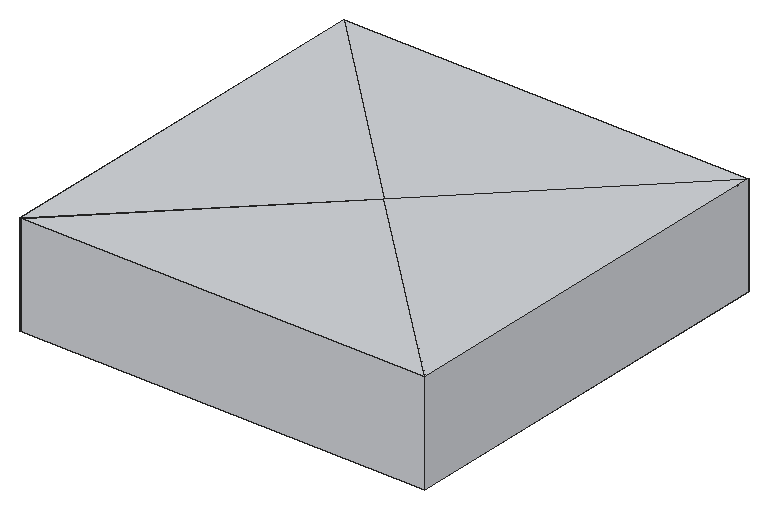
Revit family "電線管用ファミリ(片側のみ)_28", category Electrical Fixtures, Revit 2022
Family settings
  Round Connector Dimension = Use Diameter
  Part Type = Normal
  OmniClass Number = 23.80.00.00
  OmniClass Title = Electric Power and Lighting
  Work Plane-Based = No
  Always vertical = Yes
  Cut with Voids When Loaded = No
  Maintain Annotation Orientation = Yes
  Shared = No
  Room Calculation Point = No
Parameters
  コネクタ直径 [instance] = 16 mm
  W [instance] = 200 mm
  Default Elevation = 0 mm
  D [instance] = 200 mm
Reference planes
  plane 1 "Center (Front/Back)": y = 0
  plane 2: z = 0
  plane 3 "Center (Left/Right)": x = 0
  plane 4: x = -100
  plane 5: x = 100
  plane 6: y = 100
  plane 7: y = -100
  plane 8: z = 50
Forms (mm)
  Extrusion 1, solid
    sketch origin (0, 0, 0) x (1, 0, 0) y (0, 1, 0)
      loop
        line (-100, 100) -> (-100, -100) -> (100, -100) -> (100, 100) -> (-100, 100)
    from 0 to 50
  Extrusion 2, solid
    sketch origin (0, 0, 0) x (1, 0, 0) y (0, 1, 0)
      loop
        line (-100, 100) -> (-100, -100) -> (0, 0) -> (-100, 100)
    from 0 to 50
  Extrusion 3, solid
    sketch origin (0, 0, 0) x (1, 0, 0) y (0, 1, 0)
      loop
        line (100, 100) -> (0, 0) -> (100, -100) -> (100, 100)
    from 0 to 50
Dimensions and locks
  equal spacing: plane 4, plane 3 "Center (Left/Right)", plane 5
  "W": plane 4 to plane 5
  equal spacing: plane 6, plane 1 "Center (Front/Back)", plane 7
  "D": plane 6 to plane 7
  aligned and locked: level to plane 2
  aligned and locked: Extrusion 1 sketch curve to plane 6
  aligned and locked: plane 4 to Extrusion 1 sketch curve
  aligned and locked: plane 7 to Extrusion 1 sketch curve
  aligned and locked: Extrusion 1 sketch curve to plane 5
  aligned and locked: plane 8 to Extrusion 1
  aligned and locked: plane 8 to Extrusion 2
  aligned and locked: plane 8 to Extrusion 3
Automatic sketch dimensions
  Extrusion 2 sketch curve to plane 4 = 0 mm
  plane 1 "Center (Front/Back)" to Extrusion 2 sketch curve = 0 mm
  Extrusion 2 sketch curve to plane 3 "Center (Left/Right)" = 0 mm
  Extrusion 2 sketch curve to plane 7 = 0 mm
  plane 1 "Center (Front/Back)" to Extrusion 3 sketch curve = 0 mm
  Extrusion 3 sketch curve to plane 5 = 0 mm
  Extrusion 3 sketch curve to plane 7 = 0 mm
  Extrusion 3 sketch curve to plane 6 = 0 mm
Connectors
  cabletrayconduit at (0, 0, 50), diameter 16
    settings: on Extrusion 1, index 1, connector width 300 mm, connector height 300 mm, connector angle 0.00°, system type 32, placement type 0, profile type 0, connector reference index -1, is primary connector yes, connector utility param no, connector description ""
